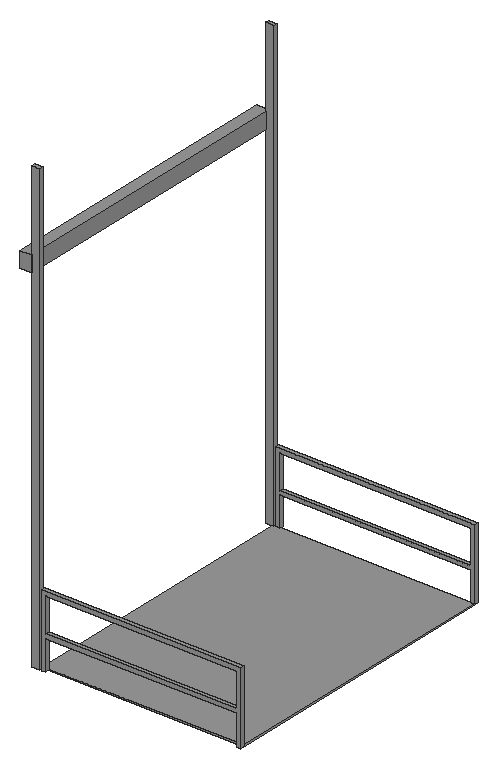
Revit family "АВЛН_Подъемник для инвалидов", category Мебель, Revit 2019
Family settings
  Номер OmniClass = 23.40.20.00
  Заголовок OmniClass = General Furniture and Specialties
  На основе рабочей плоскости = Нет
  Всегда вертикально = Да
  При загрузке вырезать с полостями = Нет
  Общий = Да
  Точка расчета площади = Нет
Parameters (values of type "1040х960")
  Описание = "Вертикальный подъемник для инвалидов\r\nгабариты платформы 1250х960\r\nВертикальный подъемник для инвалидов\r\nгабариты платформы 1250х960\r\nВертикальный подъемник для инвалидов\r\n\r\nВертикальынй подъемник для инвалидов, габариты платформы"
  Type Comments = ""
  Keynote = ""
  Manufacturer = ""
  Группа модели = "Оборудование основных помещений школы"
  Высота подъема площадки [instance] = 4601.685 mm
  URL = ""
  ADSK_Этаж [instance] = ""
  ADSK_Размер_Ширина = 3600 mm
  ADSK_Размер_Длина = 2500 mm
  ADSK_Размер_Высота [instance] = Высота подъема площадки + 1000 mm  # 5601.685 mm
  ADSK_Обозначение = "ПТУ-001"
  ADSK_Номер секции [instance] = ""
  ADSK_Код изделия = ""
  ADSK_Завод-изготовитель = "no brand"
  ADSK_Единица измерения = "шт"  # constant formula
Types (3, lengths in mm): name | Описание | Группа модели | Высота подъема площадки | ADSK_Размер_Ширина | ADSK_Размер_Длина | ADSK_Размер_Высота | ADSK_Обозначение
  (no name) | "Вертикальный подъемник для инвалидов\r\nгабариты платформы 1250х960\r\nВертикальный подъемник для инвалидов\r\nгабариты платформы 1250х960\r\nВертикальный подъемник для инвалидов\r\n\r\nВертикальынй подъемник для инвалидов, габариты платформы" | "Оборудование основных помещений школы" | 4601.685 | 3600 | 2500 | 5601.685 | "ПТУ-001"
  1250х960 | 0 | 0 | 1500 | 960 | 1250 | 2500 | "заполнить"
  1040х960 | "Вертикальный подъемник для инвалидов\r\nгабариты платформы 1250х960\r\nВертикальный подъемник для инвалидов\r\nгабариты платформы 1250х960\r\nВертикальный подъемник для инвалидов\r\n\r\nВертикальынй подъемник для инвалидов, габариты платформы" | "Оборудование основных помещений школы" | 4601.685 | 3600 | 2500 | 5601.685 | "ПТУ-001"
Reference planes
  plane 1 "По центру (Вперед/Назад)": y = 0
  plane 2 "Уровень пола": z = 0
  plane 3 "По центру (Влево/Вправо)": x = 0
  plane 4 "Уровень поъема площадки": z = 4601.685
  plane 5: y = 1800
  plane 6: x = 1250
  plane 7: x = -1250
  plane 8: y = -1800
  plane 9 "По центру Л/У": x = -1500
  plane 10 "По центру Л/Ф": y = 1850
  plane 11 "По центру Л/Х": y = -1850
  plane 12 "По центру Л/Ц": x = 775
  plane 13 "По центру Л/Ч": x = -1350
  plane 14 "Уровень верха перил": z = 900
  plane 15 "По центру Л/Щ": x = -1225
  plane 16 "По центру Л/Ъ": z = 400
  plane 17 "По центру Л/Ы": z = 425
  plane 18 "По центру Л/Ь": z = 375
  plane 19: z = 875
  plane 20: z = 850
Forms (mm)
  Extrusion 1, solid, material "Металл"
    sketch origin (0, -518.993, 0) x (-1, 0, 0) y (0, -1, 0)
      loop
        line (1250, -2318.993) -> (1250, 1281.007) -> (-1250, 1281.007) -> (-1250, -2318.993) -> (1250, -2318.993)
    from 0 to 15
  Extrusion 2, solid, material "Металл"
    sketch origin (0, -518.993, 470.26) x (-1, 0, 0) y (0, -1, 0)
      loop
        line (1500, -2368.993) -> (1500, 1331.007) -> (1350, 1331.007) -> (1350, -2368.993) -> (1500, -2368.993)
    from 3931.426 to 4131.426
  Extrusion 3, solid, material "Металл"
    sketch origin (0, -518.993, 592.976) x (-1, 0, 0) y (0, -1, 0)
      loop
        line (1350, -2368.993) -> (1350, -2318.993) -> (1250, -2318.993) -> (1250, -2368.993) -> (1350, -2368.993)
    from -592.976 to 5008.709
  Extrusion 4, solid, material "Металл"
    sketch origin (0, 518.993, 592.976) x (-1, 0, 0) y (0, -1, 0)
      loop
        line (1350, 2368.993) -> (1250, 2368.993) -> (1250, 2318.993) -> (1350, 2318.993) -> (1350, 2368.993)
    from -592.976 to 5008.709
  Extrusion 5, solid, material "Металл"
    sketch origin (0, -518.993, 0) x (-1, 0, 0) y (0, -1, 0)
      loop
        line (1175, -2368.993) -> (1225, -2368.993) -> (1225, -2318.993) -> (1175, -2318.993) -> (1175, -2368.993)
    from 0 to 850
  Extrusion 6, solid, material "Металл"
    sketch origin (1175, -518.993, 0) x (-1, 0, 0) y (0, -1, 0)
      loop
        line (-75, -2368.993) -> (-25, -2368.993) -> (-25, -2318.993) -> (-75, -2318.993) -> (-75, -2368.993)
    from 0 to 850
  Extrusion 7, solid, material "Металл"
    sketch origin (0, 518.993, 0) x (-1, 0, 0) y (0, -1, 0)
      loop
        line (1175, 2368.993) -> (1175, 2318.993) -> (1225, 2318.993) -> (1225, 2368.993) -> (1175, 2368.993)
    from 0 to 850
  Extrusion 8, solid, material "Металл"
    sketch origin (1175, 518.993, 0) x (-1, 0, 0) y (0, -1, 0)
      loop
        line (-75, 2368.993) -> (-75, 2318.993) -> (-25, 2318.993) -> (-25, 2368.993) -> (-75, 2368.993)
    from 0 to 850
  Extrusion 9, solid, material "Металл"
    sketch origin (0, -518.993, 162.976) x (-1, 0, 0) y (0, -1, 0)
      loop
        line (1175, 1281.007) -> (1175, 1331.007) -> (-1200, 1331.007) -> (-1200, 1281.007) -> (1175, 1281.007)
    from 212.024 to 262.024
  Extrusion 10, solid, material "Металл"
    sketch origin (0, 491.007, 162.976) x (-1, 0, 0) y (0, -1, 0)
      loop
        line (1175, -1358.993) -> (1175, -1308.993) -> (-1200, -1308.993) -> (-1200, -1358.993) -> (1175, -1358.993)
    from 212.024 to 262.024
  Extrusion 11, solid, material "Металл"
    sketch origin (0, -518.993, 592.976) x (-1, 0, 0) y (0, -1, 0)
      loop
        line (1225, 1281.007) -> (1225, 1331.007) -> (-1250, 1331.007) -> (-1250, 1281.007) -> (1225, 1281.007)
    from 257.024 to 307.024
  Extrusion 12, solid, material "Металл"
    sketch origin (0, 531.007, 592.976) x (-1, 0, 0) y (0, -1, 0)
      loop
        line (1225, -1318.993) -> (1225, -1268.993) -> (-1250, -1268.993) -> (-1250, -1318.993) -> (1225, -1318.993)
    from 257.024 to 307.024
Cuts and joins
  joined: Extrusion 7, Extrusion 8, Extrusion 9, Extrusion 11
  joined: Extrusion 5, Extrusion 6, Extrusion 10, Extrusion 12
Dimensions and locks
  plane 2 "Уровень пола" to plane 4 "Уровень поъема площадки" = 4601.685 mm
  equal spacing: plane 8, plane 1 "По центру (Вперед/Назад)", plane 5
  equal spacing: plane 7, plane 3 "По центру (Влево/Вправо)", plane 6
  "ADSK_Размер_Длина": plane 7 to plane 6
  "ADSK_Размер_Ширина": plane 5 to plane 8
  plane 2 "Уровень пола" to Extrusion 4 = 5601.685 mm
  "Высота подъема площадки": plane 4 "Уровень поъема площадки" to plane 2 "Уровень пола"
  locked: plane 10 "По центру Л/Ф" to plane 5 at 50
  locked: plane 13 "По центру Л/Ч" to plane 7 at 100
  plane 8 to plane 11 "По центру Л/Х" = 50 mm
  plane 13 "По центру Л/Ч" to plane 7 = 100 mm
  plane 9 "По центру Л/У" to plane 13 "По центру Л/Ч" = 150 mm
  locked: plane 4 "Уровень поъема площадки" to Extrusion 2 at 200
  locked: Extrusion 5 sketch curve to Extrusion 5 sketch curve at 50
  locked: Extrusion 6 sketch curve to Extrusion 6 sketch curve at 50
  locked: Extrusion 7 sketch curve to Extrusion 7 sketch curve at 50
  locked: Extrusion 8 sketch curve to Extrusion 8 sketch curve at 50
  locked: plane 14 "Уровень верха перил" to plane 2 "Уровень пола" at 900
  locked: plane 7 to plane 15 "По центру Л/Щ" at 25
  locked: Extrusion 9 to Extrusion 9 at 50
  equal spacing: plane 17 "По центру Л/Ы", plane 16 "По центру Л/Ъ", plane 18 "По центру Л/Ь"
  locked: plane 17 "По центру Л/Ы" to plane 18 "По центру Л/Ь" at 50
  locked: Extrusion 10 to Extrusion 10 at 50
  "ADSK_Размер_Высота": Extrusion 4 to Extrusion 4
  "ADSK_Размер_Высота": Extrusion 3 to plane 2 "Уровень пола"
  equal spacing: plane 14 "Уровень верха перил", plane 19, plane 20
  plane 14 "Уровень верха перил" to plane 20 = 50 mm
  locked: Extrusion 1 to plane 2 "Уровень пола" at 15
  aligned and locked: level to plane 2 "Уровень пола"
  aligned and locked: Extrusion 1 sketch curve to plane 5
  aligned and locked: Extrusion 1 sketch curve to plane 6
  aligned and locked: plane 8 to Extrusion 1 sketch curve
  aligned and locked: Extrusion 1 sketch curve to plane 7
  aligned and locked: plane 10 "По центру Л/Ф" to Extrusion 2
  aligned and locked: Extrusion 2 to plane 11 "По центру Л/Х"
  aligned and locked: plane 9 "По центру Л/У" to Extrusion 2
  aligned and locked: Extrusion 3 sketch curve to plane 13 "По центру Л/Ч"
  aligned and locked: Extrusion 3 sketch curve to plane 10 "По центру Л/Ф"
  aligned and locked: plane 5 to Extrusion 3 sketch curve
  aligned and locked: Extrusion 3 sketch curve to plane 7
  aligned and locked: Extrusion 4 sketch curve to plane 7
  aligned and locked: plane 13 "По центру Л/Ч" to Extrusion 4 sketch curve
  aligned and locked: plane 8 to Extrusion 4 sketch curve
  aligned and locked: Extrusion 4 sketch curve to plane 11 "По центру Л/Х"
  aligned and locked: plane 10 "По центру Л/Ф" to Extrusion 5 sketch curve
  aligned and locked: Extrusion 5 sketch curve to plane 5
  aligned and locked: plane 6 to Extrusion 6 sketch curve
  aligned and locked: plane 10 "По центру Л/Ф" to Extrusion 6 sketch curve
  aligned and locked: Extrusion 6 sketch curve to plane 5
  aligned and locked: plane 6 to Extrusion 8 sketch curve
  aligned and locked: Extrusion 8 sketch curve to plane 8
  aligned and locked: Extrusion 7 sketch curve to plane 11 "По центру Л/Х"
  aligned and locked: Extrusion 7 sketch curve to plane 8
  aligned and locked: Extrusion 7 to plane 2 "Уровень пола"
  aligned and locked: plane 2 "Уровень пола" to Extrusion 8
  aligned and locked: Extrusion 8 to plane 2 "Уровень пола"
  aligned and locked: plane 2 "Уровень пола" to Extrusion 7
  aligned and locked: Extrusion 5 to Extrusion 7
  aligned and locked: Extrusion 8 to Extrusion 5
  aligned and locked: Extrusion 6 to Extrusion 5
  aligned and locked: plane 15 "По центру Л/Щ" to Extrusion 5 sketch curve
  aligned and locked: Extrusion 7 sketch curve to plane 15 "По центру Л/Щ"
  aligned and locked: Extrusion 9 to cut or joined group of Extrusion 7, Extrusion 8, Extrusion 9, Extrusion 11  (x2)
  aligned and locked: Extrusion 9 to plane 17 "По центру Л/Ы"
  aligned and locked: Extrusion 9 to plane 18 "По центру Л/Ь"
  aligned and locked: Extrusion 11 sketch curve to cut or joined group of Extrusion 7, Extrusion 8, Extrusion 9, Extrusion 11  (x4)
  aligned and locked: Extrusion 11 to plane 14 "Уровень верха перил"
  aligned and locked: Extrusion 12 to plane 14 "Уровень верха перил"
  aligned and locked: Extrusion 12 to cut or joined group of Extrusion 5, Extrusion 6, Extrusion 10, Extrusion 12
  aligned and locked: Extrusion 2 to plane 4 "Уровень поъема площадки"
  aligned and locked: Extrusion 3 to level
  aligned and locked: cut or joined group of Extrusion 5, Extrusion 6, Extrusion 10, Extrusion 12 to plane 17 "По центру Л/Ы"
  aligned and locked: cut or joined group of Extrusion 5, Extrusion 6, Extrusion 10, Extrusion 12 to plane 18 "По центру Л/Ь"
  aligned and locked: Extrusion 1 to plane 2 "Уровень пола"
  aligned and locked: Extrusion 4 to plane 2 "Уровень пола"
  aligned and locked: plane 6 to Extrusion 12
  aligned and locked: Extrusion 12 to Extrusion 5
Automatic sketch dimensions
  plane 10 "По центру Л/Ф" to Extrusion 2 sketch curve = 0 mm
  Extrusion 2 sketch curve to plane 13 "По центру Л/Ч" = 0 mm
  Extrusion 2 sketch curve to plane 9 "По центру Л/У" = 0 mm
  plane 11 "По центру Л/Х" to Extrusion 2 sketch curve = 0 mm
  plane 11 "По центру Л/Х" to Extrusion 8 sketch curve = 0 mm
  Extrusion 9 sketch curve to plane 8 = 0 mm
  plane 11 "По центру Л/Х" to Extrusion 9 sketch curve = 0 mm
  Extrusion 9 sketch curve to plane 6 = 50 mm
  Extrusion 9 sketch curve to plane 15 "По центру Л/Щ" = 50 mm
  Extrusion 10 sketch curve to plane 10 "По центру Л/Ф" = 0 mm
  Extrusion 10 sketch curve to plane 5 = 0 mm
  Extrusion 10 sketch curve to plane 6 = 50 mm
  Extrusion 10 sketch curve to plane 15 "По центру Л/Щ" = 50 mm
  Extrusion 12 sketch curve to plane 6 = 0 mm
  Extrusion 12 sketch curve to plane 5 = 0 mm
  Extrusion 12 sketch curve to plane 15 "По центру Л/Щ" = 0 mm
  Extrusion 12 sketch curve to plane 10 "По центру Л/Ф" = 0 mm
